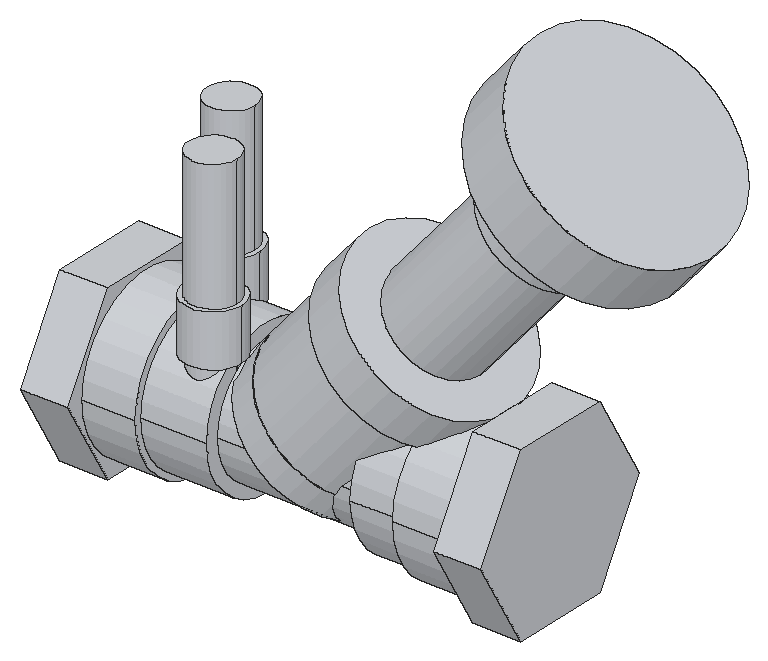
Revit family "D9515-DN50-RFA_2019", category Pipe Accessories, Revit 2019
Family settings
  Round Connector Dimension = Use Diameter
  Part Type = Valve - Breaks Into
  Work Plane-Based = No
  Always vertical = Yes
  Cut with Voids When Loaded = No
  Shared = No
Parameters (values of type "D9515 DN50")
  magiProductId = "6b5b9dd02a164b53a7f96efb176f34"
  magiProductFamilyId = "2231140663314cd0b01ba8939d6b11"
  magiPartTypeId = 304
  isMeasuringValve [instance] = no
  ang2D [instance] = 0.00°
  W2D = 15 mm
  W21 = 12 mm
  VersionID = "2.0/2017.10.31.1/VIR_9515_001"
  Use Minimum Symbol Size [instance] = yes
  URL = "www.hydronix.cz"
  Type Comments = "Ruční vyvažovací ventil s měřením na cloně; PN25; -10~+130°C; (měřicí vsuvky -10~+120°C)"
  RN2 = 20.4 mm
  RN = 31.2 mm
  R7 = 9 mm
  R6 = 7.5 mm
  R3 = 26 mm
  R2 = 24 mm
  R14 = 20 mm
  R13 = 17 mm
  R12 = 28.6 mm
  R11 = 26 mm
  R1 = 20 mm
  QmdConnectorList = "301;D;302;D"
  Productdata [instance] = ""
  NUT1 = no
  Manufacturer = "Hydronix"
  MC Product Code = "9515 050 (DN50, PN25; kvs29,72; kvc55,07)"
  MC Piping Given Pressure Drop [instance] = 0.0 Pa
  L_2 = 72.65 mm
  L5 = 2 mm
  L4__ve = -L4  # -21 mm
  L4 = 21 mm
  L3 = 15 mm
  L2__ve = -L2  # -17 mm
  L2D_Min = 3048 mm
  L2D = 87.8 mm
  L22 = 21 mm
  L21 = 7.5 mm
  L2 = 17 mm
  L1__ve = -L1  # -15 mm
  L1 = 15 mm
  HWR = 35 mm
  H24 = 40.8 mm
  H23 = 16.32 mm
  H22 = 18.1 mm
  H21 = 18 mm
  H15 = 20 mm
  H14 = 51.167 mm
  H13 = 9 mm
  H12 = 15 mm
  H11 = 32 mm
  H10 = 10 mm
  Description = "Ruční vyvažovací ventil s měřením na cloně; PN25"
  D = 50 mm
  CenSd_RN_6 = RN * cos(30.00°)  # 27.02 mm
  CenSd_RN2_6 = RN2 * cos(30.00°)  # 17.667 mm
  CAT0 = yes
Types (6, lengths in mm): name | magiProductId | W21 | RN2 | RN | R3 | R2 | R13 | R12 | R11 | R1 | MC Product Code | L_2 | L3 | L2__ve | L2 | L1__ve | L1 | H24 | H23 | H22 | H21 | H14 | H12 | H10 | D | CenSd_RN_6 | CenSd_RN2_6
  D9515 DN15 | "17cbc467cde14417a5a74aa240a316" | 6.75 | 17.55 | 17.55 | 14.625 | 13.5 | 14.625 | 16.087 | 14.625 | 11.25 | "9515 015 (DN15, PN25; kvs1,92; kvc2,80)" | 43.9 | 10 | -12 | 12 | -8 | 8 | 30.9 | 12.36 | 6.725 | 6.625 | 19.088 | 10 | 4 | 15 | 15.199 | 15.199
  D9515 DN20 | "db511cd39f454f418d6e49e6ac0c56" | 7.5 | 19.5 | 19.5 | 16.25 | 15 | 16.25 | 17.875 | 16.25 | 12.5 | "9515 020 (DN20, PN25; kvs3,67; kvc5,33)" | 47.95 | 10 | -12 | 12 | -9 | 9 | 30.9 | 12.36 | 8.35 | 8.25 | 18.088 | 10 | 5 | 20 | 16.887 | 16.887
  D9515 DN25 | "e8aaae3d88cc438088acb51c2ae749" | 8.25 | 21.45 | 21.45 | 17.875 | 16.5 | 17.875 | 19.663 | 17.875 | 13.75 | "9515 025 (DN25, PN25; kvs6,24; kvc9,72)" | 50 | 12 | -14 | 14 | -10 | 10 | 30.9 | 12.36 | 9.975 | 9.875 | 17.088 | 10 | 6 | 25 | 18.576 | 18.576
  D9515 DN32 | "dc2d0354abae4200a8eaff76faf524" | 9.3 | 20.4 | 24.18 | 20.15 | 18.6 | 17 | 22.165 | 20.15 | 15.5 | "9515 032 (DN32, PN25; kvs12,54; kvc20,25)" | 58.75 | 13 | -15 | 15 | -11.4 | 11.4 | 36.9 | 14.76 | 12.25 | 12.15 | 37.197 | 15 | 7 | 32 | 20.94 | 17.667
  D9515 DN40 | "9b6b6dd7761a428fa780a8a57ab3c3" | 10.5 | 20.4 | 27.3 | 22.75 | 21 | 17 | 25.025 | 22.75 | 17.5 | "9515 040 (DN40, PN25; kvs19,59; kvc30,23)" | 63.5 | 14 | -16 | 16 | -13 | 13 | 37.5 | 15 | 14.85 | 14.75 | 38.807 | 15 | 8 | 40 | 23.642 | 17.667
  D9515 DN50 | "6b5b9dd02a164b53a7f96efb176f34" | 12 | 20.4 | 31.2 | 26 | 24 | 17 | 28.6 | 26 | 20 | "9515 050 (DN50, PN25; kvs29,72; kvc55,07)" | 72.65 | 15 | -17 | 17 | -15 | 15 | 40.8 | 16.32 | 18.1 | 18 | 51.167 | 15 | 10 | 50 | 27.02 | 17.667
Reference planes
  plane 1 "Center (Front/Back)": y = 0
  plane 2 "XYPLANE": z = 0
  plane 3 "Center (Left/Right)": x = 0
  plane 4 "329": through (-570.105, 0, 489.751) normal (0.6428, 0, 0.766)
  plane 5 "328": y = -12
  plane 6 "327": y = 12
  plane 7 "312": through (-549.536, 0, 514.265) normal (0.6428, 0, 0.766)
  plane 8 "176": z = 34.32
  plane 9 "173": z = 18.1
  plane 10 "163": x = -2
  plane 11 "158": x = 25.65
  plane 12 "157": x = 40.65
  plane 13 "154": x = -19.65
  plane 14 "83": z = 34.42
  plane 15 "76": x = -40.65
  plane 16 "73": z = 18
  plane 17 "70": z = 0
  plane 18 "69": y = 0
  plane 19 "68": x = -27.15
  plane 20 "60": through (-494.149, 0, 580.272) normal (0.6428, 0, 0.766)
  plane 21 "57": through (-507.005, 0, 564.951) normal (0.6428, 0, 0.766)
  plane 22 "54": through (-539.894, 0, 525.755) normal (0.6428, 0, 0.766)
  plane 23 "32": through (-576.533, 0, 482.091) normal (0.6428, 0, 0.766)
  plane 24 "31": y = 0
  plane 25 "30": through (480.091, 0, 574.533) normal (0.766, 0, -0.6428)
  plane 26 "21": x = -40.65
  plane 27 "20": x = 57.65
  plane 28 "19": x = -57.65
  plane 29 "13": x = 0
  plane 30 "11": x = 72.65
  plane 31 "10": x = -72.65
  plane 32 "9": y = 0
  plane 33 "8": z = 0
  plane 34 "65XY": z = 0
  plane 35 "65XZ": y = 0
  plane 36 "65YZ": x = -2.9
  plane 37 "27XY": through (-576.533, 0, 482.091) normal (0.6428, 0, 0.766)
  plane 38 "27XZ": y = 0
  plane 39 "27YZ": through (480.091, 0, 574.533) normal (0.766, 0, -0.6428)
Forms (mm)
  Extrusion 1, solid, visible <- "CAT0"
    sketch origin (-576.533, 0, 482.091) x (0.766044, 0, -0.642788) y (0, 1, 0)
      loop
        circle (750, 0) r 26
    from 0 to 10 <- "H10"
  Extrusion 2, solid
    sketch origin (40.65, -750, 0) x (0, 1, 0) y (0, 0, 1)
      loop
        circle (750, 0) r 26
    from 0 to 17 <- "L2"
  Extrusion 3, solid
    sketch origin (25.65, -750, 0) x (0, 1, 0) y (0, 0, 1)
      loop
        circle (750, 0) r 24
    from 0 to 15 <- "L3"
  Extrusion 4, solid
    sketch origin (-40.65, -750, 0) x (0, 1, 0) y (0, 0, 1)
      loop
        circle (750, 0) r 26
    from 0 to -17 <- "L2__ve"
  Extrusion 5, solid
    sketch origin (-19.65, -750, 0) x (0, 1, 0) y (0, 0, 1)
      loop
        circle (750, 0) r 24
    from 0 to -21 <- "L4__ve"
  Extrusion 6, solid
    sketch origin (-570.105, 0, 489.751) x (0.766044, 0, -0.642788) y (0, 1, 0)
      loop
        circle (750, 0) r 26
    from 0 to 32 <- "H11"
  Extrusion 7, solid
    sketch origin (-2.9, 750, 34.32) x (0, -1, 0) y (1, 0, 0)
      loop
        circle (738, -37.75) r 7.5
    from 0 to 40.8 <- "H24"
  Extrusion 8, solid
    sketch origin (-2.9, 750, 18) x (0, -1, 0) y (1, 0, 0)
      loop
        circle (738, -37.75) r 9
    from 0 to 16.32 <- "H23"
  Extrusion 9, solid
    sketch origin (-539.894, 0, 525.755) x (0.766044, 0, -0.642788) y (0, 1, 0)
      loop
        circle (750, 0) r 17
    from 0 to 51.167 <- "H14"
  Extrusion 10, solid, visible <- "NUT1"
    sketch origin (-539.894, 0, 525.755) x (0.766044, 0, -0.642788) y (0, 1, 0)
      loop
        line (750, 20.4) -> (732.333, 10.2) -> (732.333, -10.2) -> (750, -20.4) -> (767.667, -10.2) -> (767.667, 10.2) -> (750, 20.4)
    from 0 to 9 <- "H13"
  Blend 11, solid
    base sketch origin (-19.65, -750, 0) x (0, 1, 0) y (0, 0, 1)
      loop
        circle (750, 0) r 20
    top sketch origin (-19.65, -750, 0) x (0, 1, 0) y (0, 0, 1)
      loop
        circle (750, 0) r 20
    from 0 to 45.3
  Extrusion 12, solid
    sketch origin (-2.9, 750, 0) x (0, -1, 0) y (1, 0, 0)
      loop
        circle (762, -24.25) r 7.5
    from 0 to 18.1 <- "H22"
  Extrusion 13, solid
    sketch origin (-2.9, 750, 34.42) x (0, -1, 0) y (1, 0, 0)
      loop
        circle (762, -24.25) r 7.5
    from 0 to 40.8 <- "H24"
  Extrusion 14, solid
    sketch origin (-2.9, 750, 0) x (0, -1, 0) y (1, 0, 0)
      loop
        circle (738, -37.75) r 7.5
    from 0 to 18 <- "H21"
  Extrusion 15, solid
    sketch origin (-2.9, 750, 18.1) x (0, -1, 0) y (1, 0, 0)
      loop
        circle (762, -24.25) r 9
    from 0 to 16.32 <- "H23"
  Extrusion 16, solid, visible <- "CAT0"
    sketch origin (-494.149, 0, 580.272) x (0.766044, 0, -0.642788) y (0, 1, 0)
      loop
        circle (750, 0) r 35
    from 0 to 20 <- "H15"
  Extrusion 17, solid
    sketch origin (-507.005, 0, 564.951) x (0.766044, 0, -0.642788) y (0, 1, 0)
      loop
        circle (750, 0) r 20
    from 0 to 20 <- "H15"
  Extrusion 18, solid
    sketch origin (-549.536, 0, 514.265) x (0.766044, 0, -0.642788) y (0, 1, 0)
      loop
        circle (750, 0) r 28.6
    from 0 to 15 <- "H12"
  Extrusion 19, solid
    sketch origin (72.65, -750, 0) x (0, 1, 0) y (0, 0, 1)
      loop
        line (718.8, 0) -> (734.4, -27.02) -> (765.6, -27.02) -> (781.2, 0) -> (765.6, 27.02) -> (734.4, 27.02) -> (718.8, 0)
    from 0 to -15 <- "L1__ve"
  Extrusion 20, solid
    sketch origin (-72.65, -750, 0) x (0, 1, 0) y (0, 0, 1)
      loop
        line (781.2, 0) -> (765.6, 27.02) -> (734.4, 27.02) -> (718.8, 0) -> (734.4, -27.02) -> (765.6, -27.02) -> (781.2, 0)
    from 0 to 15 <- "L1"
  Extrusion 21, solid, not visible
    sketch origin (72.65, -750, 0) x (0, 1, 0) y (0, 0, 1)
      loop
        circle (750, 0) r 15.25
    from 0 to -10
  Extrusion 22, solid, not visible
    sketch origin (-72.65, -750, 0) x (0, 1, 0) y (0, 0, 1)
      loop
        circle (750, 0) r 15.25
    from 0 to 10
Lines and regions (mm)
  reference lines, not visible
    curve 1: circle (2, 2, 0) r 1 normal (0, 0, 1)
  reference lines
    curve 2: line (34.639, 0, 43.665) -> (40.46, -4.387, 38.78)
    curve 3: line (34.639, 0, 43.665) -> (34.639, -8.775, 43.665)
    curve 4: line (34.639, 0, 43.665) -> (28.817, -4.387, 48.549)
    curve 5: line (72.65, 0, 0) -> (72.65, 4.387, -7.599)
    curve 6: line (72.65, 0, 0) -> (72.65, 8.775, 0)
    curve 7: line (72.65, 0, 0) -> (72.65, 4.387, 7.599)
    curve 8: line (-72.65, 0, 0) -> (-72.65, -4.387, -7.599)
    curve 9: line (-72.65, 0, 0) -> (-72.65, -8.775, 0)
    curve 10: line (-72.65, 0, 0) -> (-72.65, -4.387, 7.599)
Dimensions and locks
  plane 1 "Center (Front/Back)" to curve 1 = 2 mm
  "H10": plane 23 "32" to plane 4 "329"
  "W21": plane 18 "69" to plane 5 "328"
  "W21": plane 18 "69" to plane 6 "327"
  "H11": plane 4 "329" to plane 7 "312"
  "H23": plane 16 "73" to plane 8 "176"
  "H22": plane 17 "70" to plane 9 "173"
  "L5": plane 29 "13" to plane 10 "163"
  "L3": plane 12 "157" to plane 11 "158"
  "L2": plane 27 "20" to plane 12 "157"
  "L4": plane 26 "21" to plane 13 "154"
  "H23": plane 9 "173" to plane 14 "83"
  "L22": plane 13 "154" to plane 15 "76"
  "H21": plane 17 "70" to plane 16 "73"
  locked: plane 33 "8" to plane 17 "70"
  locked: plane 32 "9" to plane 18 "69"
  "L21": plane 13 "154" to plane 19 "68"
  "H15": plane 21 "57" to plane 20 "60"
  "H14": plane 22 "54" to plane 21 "57"
  "H12": plane 7 "312" to plane 22 "54"
  locked: plane 37 "27XY" to plane 23 "32"
  locked: plane 32 "9" to plane 24 "31"
  locked: plane 39 "27YZ" to plane 25 "30"
  "L2": plane 28 "19" to plane 26 "21"
  "L1": plane 30 "11" to plane 27 "20"
  "L1": plane 31 "10" to plane 28 "19"
  locked: plane 3 "Center (Left/Right)" to plane 29 "13"
  "L_2": plane 3 "Center (Left/Right)" to plane 30 "11"
  "L_2": plane 3 "Center (Left/Right)" to plane 31 "10"
  locked: plane 1 "Center (Front/Back)" to plane 32 "9"
  locked: plane 2 "XYPLANE" to plane 33 "8"
  "CenSd_RN2_6": curve 2 to Extrusion 10 sketch curve  (x2)
  "CenSd_RN2_6": curve 3 to Extrusion 10 sketch curve  (x2)
  "CenSd_RN2_6": curve 4 to Extrusion 10 sketch curve  (x2)
  Extrusion 10 sketch curve to Extrusion 10 sketch curve = 0 mm  (x12)
  "CenSd_RN_6": curve 5 to Extrusion 19 sketch curve  (x2)
  "CenSd_RN_6": curve 6 to Extrusion 19 sketch curve  (x2)
  "CenSd_RN_6": curve 7 to Extrusion 19 sketch curve  (x2)
  Extrusion 19 sketch curve to Extrusion 19 sketch curve = 0 mm  (x12)
  "CenSd_RN_6": curve 8 to Extrusion 20 sketch curve  (x2)
  "CenSd_RN_6": curve 9 to Extrusion 20 sketch curve  (x2)
  "CenSd_RN_6": curve 10 to Extrusion 20 sketch curve  (x2)
  Extrusion 20 sketch curve to Extrusion 20 sketch curve = 0 mm  (x12)
  "R11": radius of Extrusion 1 sketch curve
  "R3": radius of Extrusion 2 sketch curve
  "R2": radius of Extrusion 3 sketch curve
  "R3": radius of Extrusion 4 sketch curve
  "R2": radius of Extrusion 5 sketch curve
  "R11": radius of Extrusion 6 sketch curve
  "R6": radius of Extrusion 7 sketch curve
  "R7": radius of Extrusion 8 sketch curve
  "R13": radius of Extrusion 9 sketch curve
  "R1": radius of Blend 11 sketch curve  (x2)
  "R6": radius of Extrusion 12 sketch curve
  "R6": radius of Extrusion 13 sketch curve
  "R6": radius of Extrusion 14 sketch curve
  "R7": radius of Extrusion 15 sketch curve
  "HWR": radius of Extrusion 16 sketch curve
  "R14": radius of Extrusion 17 sketch curve
  "R12": radius of Extrusion 18 sketch curve
  locked: curve 3 to curve 2 (angle 60.00°)
  locked: curve 4 to curve 3 (angle 60.00°)
  locked: curve 4 to curve 2 (angle 120.00°)
  locked: curve 6 to curve 5 (angle 60.00°)
  locked: curve 7 to curve 6 (angle 60.00°)
  locked: curve 7 to curve 5 (angle 120.00°)
  locked: curve 9 to curve 8 (angle 60.00°)
  locked: curve 10 to curve 9 (angle 60.00°)
  locked: curve 10 to curve 8 (angle 120.00°)
  aligned and locked: level to plane 2 "XYPLANE"
  aligned and locked: plane 24 "31" to Extrusion 1 sketch curve
  aligned and locked: Extrusion 1 sketch curve to plane 25 "30"
  aligned and locked: Extrusion 2 sketch curve to plane 32 "9"
  aligned and locked: plane 33 "8" to Extrusion 2 sketch curve
  aligned and locked: Extrusion 3 sketch curve to plane 32 "9"
  aligned and locked: plane 33 "8" to Extrusion 3 sketch curve
  aligned and locked: Extrusion 4 sketch curve to plane 32 "9"
  aligned and locked: plane 33 "8" to Extrusion 4 sketch curve
  aligned and locked: Extrusion 5 sketch curve to plane 32 "9"
  aligned and locked: plane 33 "8" to Extrusion 5 sketch curve
  aligned and locked: plane 24 "31" to Extrusion 6 sketch curve
  aligned and locked: Extrusion 6 sketch curve to plane 25 "30"
  aligned and locked: plane 6 "327" to Extrusion 7 sketch curve
  aligned and locked: plane 15 "76" to Extrusion 7 sketch curve
  aligned and locked: plane 6 "327" to Extrusion 8 sketch curve
  aligned and locked: plane 15 "76" to Extrusion 8 sketch curve
  aligned and locked: plane 24 "31" to Extrusion 9 sketch curve
  aligned and locked: Extrusion 9 sketch curve to plane 25 "30"
  aligned and locked: curve 2 to plane 25 "30"
  aligned and locked: plane 24 "31" to curve 3
  aligned and locked: Blend 11 sketch curve to plane 32 "9"  (x2)
  aligned and locked: plane 33 "8" to Blend 11 sketch curve  (x2)
  aligned and locked: plane 11 "158" to Blend 11
  aligned and locked: plane 5 "328" to Extrusion 12 sketch curve
  aligned and locked: plane 19 "68" to Extrusion 12 sketch curve
  aligned and locked: plane 5 "328" to Extrusion 13 sketch curve
  aligned and locked: plane 19 "68" to Extrusion 13 sketch curve
  aligned and locked: plane 6 "327" to Extrusion 14 sketch curve
  aligned and locked: plane 15 "76" to Extrusion 14 sketch curve
  aligned and locked: plane 5 "328" to Extrusion 15 sketch curve
  aligned and locked: plane 19 "68" to Extrusion 15 sketch curve
  aligned and locked: plane 24 "31" to Extrusion 16 sketch curve
  aligned and locked: Extrusion 16 sketch curve to plane 25 "30"
  aligned and locked: plane 24 "31" to Extrusion 17 sketch curve
  aligned and locked: Extrusion 17 sketch curve to plane 25 "30"
  aligned and locked: plane 24 "31" to Extrusion 18 sketch curve
  aligned and locked: Extrusion 18 sketch curve to plane 25 "30"
  aligned and locked: curve 7 to plane 32 "9"
  aligned and locked: plane 33 "8" to curve 7
  aligned and locked: curve 10 to plane 32 "9"
  aligned and locked: plane 33 "8" to curve 10
  aligned and locked: Extrusion 21 sketch curve to plane 32 "9"
  aligned and locked: plane 33 "8" to Extrusion 21 sketch curve
  aligned and locked: Extrusion 22 sketch curve to plane 32 "9"
  aligned and locked: plane 33 "8" to Extrusion 22 sketch curve
Automatic sketch dimensions
  Extrusion 21 sketch curve to plane 5 "328" = 3.25 mm
  Extrusion 22 sketch curve to plane 5 "328" = 3.25 mm
  plane 3 "Center (Left/Right)" to curve 1 = 2 mm
  radius of curve 1 = 1 mm
Connectors
  piping at (-72.65, 0, 0), diameter 50, driven by "D"
    settings: on Extrusion 22, index 1, connector inside diameter 609.6 mm, connector length 0 mm, flow factor 0, pipe flow 0.0 L/s, pressure drop 0.0 Pa, fitting loss kfactor 0, connector angle 0.00°, fixture units 0, engagement length 0 mm, angle of deflection 0.00°, flow configuration 0, flow direction 0, fitting loss method 0, system type 29, joint type 0, gender type 0, connector reference index 2, connector utility 0, adjustable connector no, is connector primary yes, connector description ""
  piping at (72.65, 0, 0), diameter 50, driven by "D"
    settings: on Extrusion 21, index 2, connector inside diameter 609.6 mm, connector length 0 mm, flow factor 0, pipe flow 0.0 L/s, pressure drop 0.0 Pa, fitting loss kfactor 0, connector angle 0.00°, fixture units 0, engagement length 0 mm, angle of deflection 0.00°, flow configuration 0, flow direction 0, fitting loss method 0, system type 29, joint type 0, gender type 0, connector reference index 1, connector utility 0, adjustable connector no, is connector primary no, connector description ""
